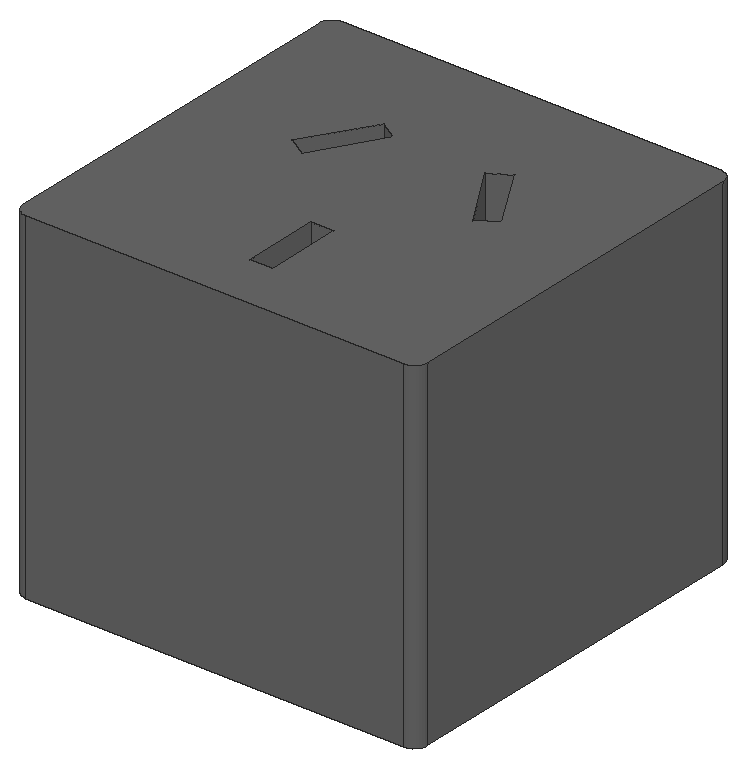
Revit family "Domotics-DomesticRanges-GEWISS-SYSTEM_POWER-SOCKET-OUTLET_ARG", category Apparecchi elettrici, host Superficie, Revit 2016
Family settings
  Host = Superficie
  Mantenere orientamento annotazione = Sì
  Tipo di parte = Normale
  Quota connettore circolare = Usa diametro
  Taglio con vuoti quando caricato = Sì
  Condiviso = Sì
  Punto di calcolo locali = Sì
Parameters (values of type "GW21248 - 10A 2P+E argentinian s.-out.black")
  Voltage: = "250 V ac"
  Voltage = "250 V ac"
  Volt = 230 V
  Vista in pianta [instance] = yes
  Version file RFA = "19.4"
  URL = "https://www.gewiss.com/ww/en"
  Technical sheet = "https://www.gewiss.com/ww/en/search?q=GW21248"
  TXT ELETTRICO = "10"
  TIPO = System Prese Argentina_GENERICO : GW21248 Presa 2P+T 10A standard Argentino nero
  Standard: = "Argentinian"
  Standard = "Argentinian"
  Simbolo [instance] = yes
  SEO = "Socket outlet"
  Realized by GEWISS S.p.A. = ""
  Default Elevation = 1219.2 mm
  Produttore = "GEWISS S.p.A."
  Offset presa [instance] = 0 mm
  Offset bidimensionale [instance] = 39 mm
  No. SYSTEM modules = "2"
  N. poli = 1
  Modello = "GW21248"
  Immagine tipo = GW21248.jpg
  IFC.TypeObject = ""
  IFC.ExportType = ""
  IFC.ExportAs = ""
  IDT = "489c1a53-626f-4b13-8bb9-09ec56726b9e"
  IDF = "e444df49-3182-48a5-978b-9fa648243107"
  For plug pins = "Flat"
  Electrocod = "0131"
  EAN code = "8011564128576"
  Distanza_x [instance] = 0 mm
  Distanza_effettiva_y [instance] = 100 mm
  Distanza_effettiva_x [instance] = 1000 mm - Distanza_x  # 1000 mm
  Distanza orizzontale del simbolo [instance] = 114.847 mm
  Distanza dal muro [instance] = 4.208 mm
  Descrizione = "10A 2P+E ARGENTINIAN S.-OUT.SY/BK"
  Description: = "2P+E - 10A"
  Description. = "Argentina"
  Colour = "Black"
  Catalogue Range = "SYSTEM - DOMESTIC RANGE"
  Catalogue = "DOMOTICS"
  Carico apparente = 0 VA
  COBie.Tagnumber = ""
  COBie.CreatedOn = ""
  COBie.CreatebBy = ""
  COBie.ComponentRegisterItemID = ""
  COBie.Component.TagNumber = ""
  COBie.Component.Space = ""
  COBie.Component.SerialNumber = ""
  COBie.Component.InstallationDate = ""
  COBie.Component.Description = ""
  COBie.Component.BarCode = ""
Types (2, lengths in mm): name | Technical sheet | TIPO | Modello | Immagine tipo | IDT | EAN code | Descrizione | Colour
  GW20248 - 10A 2P+E argentinian s.-out.white | "https://www.gewiss.com/ww/en/search?q=GW20248" | System Prese Argentina_GENERICO : GW20248 Presa 2P+T 10A standard Argentino bianco | "GW20248" | GW20248.jpg | "717d1cfb-f901-44fb-851d-813013adac2b" | "8011564025998" | "10A 2P+E ARGENTINIAN S.-OUT.SY/WT" | "White"
  GW21248 - 10A 2P+E argentinian s.-out.black | "https://www.gewiss.com/ww/en/search?q=GW21248" | System Prese Argentina_GENERICO : GW21248 Presa 2P+T 10A standard Argentino nero | "GW21248" | GW21248.jpg | "489c1a53-626f-4b13-8bb9-09ec56726b9e" | "8011564128576" | "10A 2P+E ARGENTINIAN S.-OUT.SY/BK" | "Black"
Reference planes
  plane 1 "Centro (Fronte/Retro)": y = 0
  plane 2: z = 0
  plane 3 "Centro (Sinistra/Destra)": x = 0
  plane 4: x = -1000
  plane 5: x = 0
  plane 6: y = 100
  plane 7: z = 0
  plane 8: z = 39
Lines and regions (mm)
  Masking region 1, visible <- "Vista in pianta"
    outline origin (0, 0, 0) x (1, 0, 0) y (0, 0, 1)
      loop
        line (-23, 39) -> (-23, 0) -> (23, 0) -> (23, 39) -> (-23, 39)
  Masking region 2, visible <- "Vista in pianta"
    outline origin (0, 0, 25) x (0, 1, 0) y (0, 0, 1)
      loop
        line (-22.5, 14) -> (-22.5, -25) -> (22.5, -25) -> (22.5, 14) -> (-22.5, 14)
  Masking region 3, visible <- "Vista in pianta"
    outline origin (65, 25, 0) x (1, 0, 0) y (0, 1, 0)
      loop
        line (-88, -2.5) -> (-88, -47.5) -> (-42, -47.5) -> (-42, -2.5) -> (-88, -2.5)
      loop
        line (-72.143, -14.524) -> (-76.696, -21.971) -> (-74.447, -23.345) -> (-69.894, -15.898) -> (-72.143, -14.524)
      loop
        line (-57.321, -14.524) -> (-59.569, -15.898) -> (-55.016, -23.345) -> (-52.768, -21.971) -> (-57.321, -14.524)
      loop
        line (-63.414, -32.548) -> (-66.049, -32.548) -> (-66.049, -41.277) -> (-63.414, -41.277) -> (-63.414, -32.548)
  Masking region 4, visible <- "Vista in pianta"
    outline origin (0, 0, 0) x (1, 0, 0) y (0, 0, 1)
      loop
        line (-23, 39) -> (-23, 0) -> (23, 0) -> (23, 39) -> (-23, 39)
  Masking region 5, visible <- "Vista in pianta"
    outline origin (0, 0, 0) x (0, 1, 0) y (0, 0, 1)
      loop
        line (-22.5, 39) -> (-22.5, 0) -> (22.5, 0) -> (22.5, 39) -> (-22.5, 39)
Dimensions and locks
  plane 4 to plane 3 "Centro (Sinistra/Destra)" = 1000 mm
  "Distanza_effettiva_x": plane 4 to plane 5
  "Distanza_effettiva_y": plane 6 to plane 1 "Centro (Fronte/Retro)"
  "Offset presa": plane 7 to host face
  "Offset bidimensionale": plane 8 to host face
  aligned and locked: plane 2 to host face
  aligned and locked: level to host face
  aligned and locked: plane 5 to nested 2
  aligned and locked: nested 2 to plane 6
  aligned and locked: Masking region 1 sketch curve to nested 1  (x4)
  aligned and locked: Masking region 2 sketch curve to nested 1  (x4)
  aligned and locked: nested 1 to Masking region 3 sketch curve
  aligned and locked: Masking region 3 sketch curve to nested 1
  aligned and locked: plane 5 to nested 1
  aligned and locked: plane 1 "Centro (Fronte/Retro)" to nested 1
  aligned and locked: Masking region 3 to nested 1  (x2)
  aligned and locked: Masking region 4 sketch curve to nested 1  (x4)
  aligned and locked: Masking region 5 sketch curve to nested 1  (x4)
  aligned and locked: plane 8 to import instance
  aligned and locked: nested 1 to plane 7
Automatic sketch dimensions
  host sketch curve to host sketch curve = 2438.4 mm  (x2)
  Masking region 3 sketch curve to plane 3 "Centro (Sinistra/Destra)" = 11.696 mm
  Masking region 3 sketch curve to plane 1 "Centro (Fronte/Retro)" = 1.655 mm  (x2)
  Masking region 3 sketch curve to Masking region 3 sketch curve = 2.248 mm  (x2)
  Masking region 3 sketch curve to plane 3 "Centro (Sinistra/Destra)" = 7.143 mm
  Masking region 3 sketch curve to plane 3 "Centro (Sinistra/Destra)" = 1.049 mm
  plane 3 "Centro (Sinistra/Destra)" to Masking region 3 sketch curve = 1.586 mm
  plane 3 "Centro (Sinistra/Destra)" to Masking region 3 sketch curve = 5.431 mm
  Masking region 3 sketch curve to Masking region 3 sketch curve = 4.553 mm
  plane 1 "Centro (Fronte/Retro)" to Masking region 3 sketch curve = 7.548 mm
  Masking region 3 sketch curve to Masking region 3 sketch curve = 6.223 mm
  Masking region 3 sketch curve to Masking region 3 sketch curve = 1.374 mm  (x2)
  Masking region 3 sketch curve to Masking region 3 sketch curve = 12.024 mm
  Masking region 3 sketch curve to Masking region 3 sketch curve = 8.729 mm
Nested families
  nested 1: "System Prese Argentina_GENERICO" at (0, 0, 0), type <- "TIPO", type "GW21248 Presa 2P+T 10A standard Argentino nero", detail levels medium+fine
  nested 2: "SIMBOLO PRESE" at (0, 100, 0), TESTO ELETTRICO <- "TXT ELETTRICO", Distanza dal muro <- "Distanza dal muro", SIMBOLO <- "Simbolo", visible <- "Simbolo", type "PRESA"
    with TESTO ELETTRICO "10", SIMBOLO yes, Distanza dal muro 4.208 mm, BORDO ACCESO yes
Connectors
  electrical at (0, 0, 0), driven by "N. poli", driven by "Volt", driven by "Carico apparente"
    settings: on nested 1, index 1, voltage 230 V, apparent load 0 VA, apparent load phase1 0 VA, apparent load phase2 0 VA, apparent load phase3 0 VA, power factor 1, load classification "Altro", number of poles 1, system type 31, power factor state 1, is connector primary yes, connector utility no, sub classification motor no, connector description ""
Definition of nested family "System Prese Argentina_GENERICO"
  Parameters (values of type "GW21248 Presa 2P+T 10A standard Argentino nero")
    Profondità presa = 39 mm
    Finitura Prese Israele = none
    Altezza da Terra = 750 mm
  Types (2): name
    GW20248 Presa 2P+T 10A standard Argentino bianco
    GW21248 Presa 2P+T 10A standard Argentino nero
  Reference planes
    plane 1 "Centro (Fronte/Retro)": y = 0
    plane 2: z = 0
    plane 3 "Centro (Sinistra/Destra)": x = 0
    plane 4: x = -23
    plane 5: x = 23
    plane 6: z = 34
    plane 7: z = 36.5
    plane 8: z = 39
  Forms (mm)
    Extrusion 1, solid, material <- "Finitura Prese Israele"
      sketch origin (0, -772.5, 39) x (1, 0, 0) y (0, 1, 0)
        loop
          arc (-21.5, 795) -> (-22.561, 794.561) -> (-23, 793.5) r 1.5
          line (-23, 793.5) -> (-23, 751.5)
          arc (-23, 751.5) -> (-22.561, 750.439) -> (-21.5, 750) r 1.5
          line (-21.5, 750) -> (21.5, 750)
          arc (21.5, 750) -> (22.561, 750.439) -> (23, 751.5) r 1.5
          line (23, 751.5) -> (23, 793.5)
          arc (23, 793.5) -> (22.561, 794.561) -> (21.5, 795) r 1.5
          line (21.5, 795) -> (-21.5, 795)
      from 0 to -39
    Extrusion 2, void
      sketch origin (0, -772.5, 39) x (1, 0, 0) y (0, 1, 0)
        loop
          line (7.679, 782.976) -> (5.431, 781.602) -> (9.984, 774.155) -> (12.232, 775.529) -> (7.679, 782.976)
        loop
          line (-7.143, 782.976) -> (-11.696, 775.529) -> (-9.447, 774.155) -> (-4.894, 781.602) -> (-7.143, 782.976)
        loop
          line (-1.049, 764.952) -> (-1.049, 756.223) -> (1.586, 756.223) -> (1.586, 764.952) -> (-1.049, 764.952)
      from 0 to -5
  Cuts and joins
    Extrusion 2 cuts Extrusion 1
  Dimensions and locks
    locked: plane 4 to plane 5 at 46
    "Profondità presa": plane 8 to level
    aligned and locked: level to plane 2
    aligned and locked: cut or joined group of Extrusion 1, Extrusion 2 to plane 4
    aligned and locked: plane 5 to cut or joined group of Extrusion 1, Extrusion 2
    aligned and locked: Extrusion 1 to level
  Automatic sketch dimensions
    Extrusion 1 sketch curve to plane 4 = 0 mm
    Extrusion 1 sketch curve to plane 5 = 0 mm
    plane 4 to Extrusion 1 sketch curve = 1.5 mm  (x2)
    Extrusion 1 sketch curve to plane 5 = 1.5 mm  (x2)
    plane 1 "Centro (Fronte/Retro)" to Extrusion 1 sketch curve = 22.5 mm
    Extrusion 1 sketch curve to plane 1 "Centro (Fronte/Retro)" = 21 mm
    plane 4 to Extrusion 2 sketch curve = 11.304 mm
    Extrusion 2 sketch curve to plane 1 "Centro (Fronte/Retro)" = 1.655 mm  (x2)
    Extrusion 2 sketch curve to Extrusion 2 sketch curve = 2.248 mm  (x2)
    Extrusion 2 sketch curve to plane 3 "Centro (Sinistra/Destra)" = 7.143 mm
    Extrusion 2 sketch curve to plane 3 "Centro (Sinistra/Destra)" = 1.049 mm
    plane 3 "Centro (Sinistra/Destra)" to Extrusion 2 sketch curve = 1.586 mm
    plane 3 "Centro (Sinistra/Destra)" to Extrusion 2 sketch curve = 5.431 mm
    Extrusion 2 sketch curve to Extrusion 2 sketch curve = 4.553 mm
    plane 1 "Centro (Fronte/Retro)" to Extrusion 2 sketch curve = 7.548 mm
    Extrusion 2 sketch curve to Extrusion 2 sketch curve = 8.729 mm
    Extrusion 2 sketch curve to Extrusion 2 sketch curve = 1.374 mm  (x2)
Definition of nested family "SIMBOLO PRESE"
  Parameters (values of type "PRESA")
    TESTO ELETTRICO [instance] = "TXT"
    Simbolo = SIMBOLO PRESE_BASE : PRESA
    SIMBOLO [instance] = yes
    Distanza dal muro [instance] = 4.208 mm
    BORDO ACCESO [instance] = yes
  Reference planes
    plane 1: y = 0
    plane 2: x = 0
  Dimensions and locks
    aligned and locked: plane 2 to nested 1
  Nested families
    nested 1: "SIMBOLO PRESE_BASE" at (0, 0, 0), type <- "Simbolo", TESTO ELETTRICO <- "TESTO ELETTRICO", BORDO ACCESO <- "BORDO ACCESO", visible <- "SIMBOLO", type "PRESA"
      with TESTO ELETTRICO "TXT", BORDO ACCESO yes
  Definition of nested family "SIMBOLO PRESE_BASE"
    Parameters (values of type "PRESA")
      TESTO ELETTRICO [instance] = "TXT"
      Distanza dal muro = 4.208 mm
      BORDO ACCESO [instance] = yes
    Reference planes
      plane 1: y = 0
      plane 2: x = 0
    Lines and regions (mm)
      detail lines, visible <- "BORDO ACCESO", not visible
        curve 1: line (-1.743, 9.208, 0) -> (2.057, 9.208, 0)
        curve 2: line (2.057, 9.208, 0) -> (2.057, 4.208, 0)
        curve 3: line (2.057, 4.208, 0) -> (-1.743, 4.208, 0)
        curve 4: line (-1.743, 4.208, 0) -> (-1.743, 9.208, 0)
        curve 5: line (-1.543, 9.008, 0) -> (1.857, 9.008, 0)
        curve 6: line (1.857, 9.008, 0) -> (1.857, 4.408, 0)
        curve 7: line (1.857, 4.408, 0) -> (-1.543, 4.408, 0)
        curve 8: line (-1.543, 4.408, 0) -> (-1.543, 9.008, 0)
      detail lines
        curve 9: line (0.783, 1.133, 0) -> (-0.783, 1.133, 0)
        curve 10: line (0, 1.133, 0) -> (0, 0.349, 0)
        curve 11: arc (-0.783, 1.916, 0) -> (0, 1.133, 0) -> (0.783, 1.916, 0) r 0.783
    Text (mm)
      label "TXT" at (0.016, 1.578, 0), shows "TESTO ELETTRICO"
